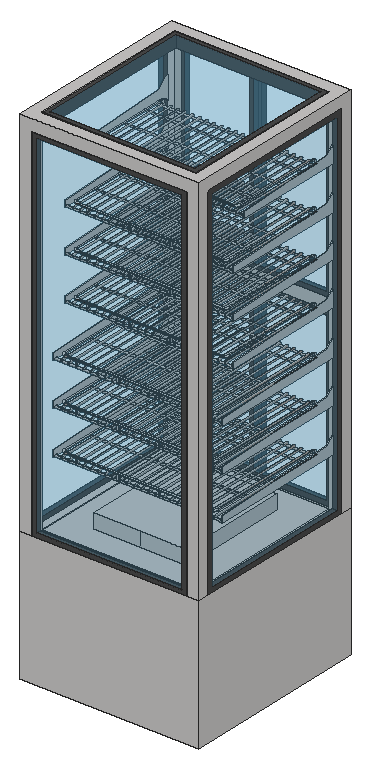
Revit family "QF_FESTIVE_TH6", category Specialty Equipment, Revit 2020
Family settings
  Round Connector Dimension = Use Diameter
  Part Type = Normal
  Work Plane-Based = No
  Always vertical = Yes
  Cut with Voids When Loaded = No
  Shared = No
  Room Calculation Point = No
Parameters (values of type "TH6_220-240/50/1")
  Weight in Kilograms = 155
  Watts = if(Phase = 3, Volts * FL Amps * 1.73, Volts * FL Amps)  # 2046 W
  Volts = 220 V
  URL Cutsheet = ""
  Specification by User = ""
  Specification by Manufacturer = ""
  Shelf Length [instance] = Length - 30 mm  # 570 mm
  Serial Number = ""
  Seismic Rating = ""
  SMACNA No = ""
  Revision Code = ""
  Phase = 1
  Number of Poles = 1
  NAFEM Spec ID Number = ""
  Model = "TH6"
  Min Ckt Ampacity = 0 A
  Max Overcurrent Protection = 0 A
  Masterspec = ""
  Manufacturer = "FESTIVE"
  Length = 600 mm
  Item Number = ""
  Installed By = ""
  Identify Quantity as Lot = yes
  Height = 1730 mm
  HP = ""
  Furnished By = ""
  Foodservice Equipment Identifier = yes
  FL Amps = 9.3 A
  Electrical Remarks = ""
  Electric Connection Type = ""
  Elec Conn RI Height = 0 mm
  Elec Conn Connection Height = 0 mm
  Description = "TOWER: HEATED"
  Depth = 640 mm
  Default Elevation = 0 mm
  Cycle = 50 Hz
  Conn Plug = "10A Plug"
  Conn Conduit = yes
  CSI MasterFormat = ""
  Base Cover 2 [instance] = Length = 1200 mm  # no
  Base Cover 1 [instance] = Length < 901 mm  # yes
  Apparent Power = if(Phase = 3, Volts * FL Amps * 1.73, Volts * FL Amps)  # 2046 VA
Reference planes
  plane 1 "BACK": y = 0
  plane 2: z = 0
  plane 3 "LEFT": x = 0
  plane 4 "RIGHT": x = 600
  plane 5 "FRONT": y = -640
  plane 6 "TOP": z = 1730
  plane 7 "Center Y": x = 300
  plane 8 "Center X": y = -320
  plane 9: z = 470
  plane 10: z = 25.4
  plane 11: x = 40
  plane 12: x = 560
  plane 13: x = 15
  plane 14: x = 585
  plane 15: x = 507.5
  plane 16: x = 92.5
  plane 17: y = 15
Forms (mm)
  Extrusion 1, solid, material "QF_Metal - Stainless - Brushed"
    sketch origin (-6096, 34.743, 25.4) x (0, 1, 0) y (-1, 0, 0)
      loop
        line (-34.743, -6096) -> (-674.743, -6096) -> (-674.743, -6696) -> (-34.743, -6696) -> (-34.743, -6656) -> (-634.743, -6656) -> (-634.743, -6136) -> (-34.743, -6136) -> (-34.743, -6096)
    from 0 to 444.6
  Extrusion 2, solid, material "QF_Plastic - Black - Smooth"
    sketch origin (0, 0, 0) x (0, 1, 0) y (0, 0, 1)
      loop
        line (-40, 1690) -> (-600, 1690) -> (-600, 470) -> (-40, 470) -> (-40, 1690)
      loop
        line (-55, 1675) -> (-585, 1675) -> (-585, 485) -> (-55, 485) -> (-55, 1675)
    from 0 to 15
  Extrusion 3, solid, material "QF_Metal - Stainless - Brushed"
    sketch origin (-6096, 152.961, 470) x (0, 1, 0) y (-1, 0, 0)
      loop
        line (-792.961, -6096) -> (-792.961, -6136) -> (-752.961, -6136) -> (-752.961, -6096) -> (-792.961, -6096)
      loop
        line (-792.961, -6696) -> (-752.961, -6696) -> (-752.961, -6656) -> (-792.961, -6656) -> (-792.961, -6696)
      loop
        line (-152.961, -6696) -> (-152.961, -6656) -> (-192.961, -6656) -> (-192.961, -6696) -> (-152.961, -6696)
      loop
        line (-152.961, -6096) -> (-192.961, -6096) -> (-192.961, -6136) -> (-152.961, -6136) -> (-152.961, -6096)
    from 0 to 1260
  Extrusion 4, solid, material "QF_Metal - Stainless - Brushed"
    sketch origin (-975.299, -4572, 1730) x (-1, 0, 0) y (0, -1, 0)
      loop
        line (-1015.299, -3972) -> (-1535.299, -3972) -> (-1535.299, -4532) -> (-1015.299, -4532) -> (-1015.299, -3972)
      loop
        line (-975.299, -4572) -> (-975.299, -3932) -> (-1575.299, -3932) -> (-1575.299, -4572) -> (-975.299, -4572)
    from 0 to -40
  Extrusion 5, solid, material "Glass"
    sketch origin (0, 0, 0) x (0, 1, 0) y (0, 0, 1)
      loop
        line (-55, 1675) -> (-585, 1675) -> (-585, 485) -> (-55, 485) -> (-55, 1675)
    from 0 to 15
  Extrusion 6, solid, material "QF_Plastic - Black - Smooth"
    sketch origin (600, 0, 0) x (0, -1, 0) y (0, 0, 1)
      loop
        line (40, 1690) -> (40, 470) -> (600, 470) -> (600, 1690) -> (40, 1690)
      loop
        line (55, 1675) -> (55, 485) -> (585, 485) -> (585, 1675) -> (55, 1675)
    from 0 to 15
  Extrusion 7, solid, material "QF_Plastic - Black - Smooth"
    sketch origin (0, -640, 0) x (1, 0, 0) y (0, 0, 1)
      loop
        line (40, 1690) -> (40, 470) -> (560, 470) -> (560, 1690) -> (40, 1690)
      loop
        line (545, 1675) -> (55, 1675) -> (55, 485) -> (545, 485) -> (545, 1675)
    from 0 to -15
  Extrusion 8, solid, material "QF_Plastic - Black - Smooth"
    sketch origin (-975.299, -4572, 1730) x (-1, 0, 0) y (0, -1, 0)
      loop
        line (-1015.299, -4532) -> (-1015.299, -3972) -> (-1535.299, -3972) -> (-1535.299, -4532) -> (-1015.299, -4532)
      loop
        line (-1520.299, -4517) -> (-1030.299, -4517) -> (-1030.299, -3987) -> (-1520.299, -3987) -> (-1520.299, -4517)
    from 0 to -40
  Extrusion 9, solid, material "Glass"
    sketch origin (-975.299, -4572, 1730) x (-1, 0, 0) y (0, -1, 0)
      loop
        line (-1520.299, -4517) -> (-1030.299, -4517) -> (-1030.299, -3987) -> (-1520.299, -3987) -> (-1520.299, -4517)
    from 0 to -40
  Extrusion 10, solid, material "Glass"
    sketch origin (600, 0, 0) x (0, -1, 0) y (0, 0, 1)
      loop
        line (55, 1675) -> (55, 485) -> (585, 485) -> (585, 1675) -> (55, 1675)
    from 0 to 15
  Extrusion 11, solid, material "Glass"
    sketch origin (0, -640, 0) x (1, 0, 0) y (0, 0, 1)
      loop
        line (545, 1675) -> (55, 1675) -> (55, 485) -> (545, 485) -> (545, 1675)
    from 0 to -15
  Extrusion 12, solid, material "QF_Metal - Stainless - Brushed"
    sketch origin (389.467, 0, -196.242) x (1, 0, 0) y (0, 0, -1)
      loop
        line (150.695, -399.744) -> (150.695, -299.744) -> (60.695, -299.744) -> (60.695, -399.744) -> (150.695, -399.744)
    from 0 to 15
  Extrusion 13, solid, material "QF_Metal - Stainless - Brushed"
    sketch origin (0, 0, 0) x (1, 0, 0) y (0, 0, 1)
      loop
        line (560, 376.925) -> (40, 376.925) -> (40, 70.07) -> (145, 70.07) -> (145, 31.8) -> (455, 31.8) -> (455, 69.875) -> (560, 69.875) -> (560, 376.925)
    from 0 to 600
  Extrusion 14, solid
    sketch origin (0, 0, 0) x (-1, 0, 0) y (0, 0, 1)
      loop
        circle (-445, 36.8) r 5
    from 0 to 3.2
  Extrusion 15, solid, material "QF_Metal - Stainless - Brushed"
    sketch origin (560, 0, 25.4) x (1, 0, 0) y (0, 0, -1)
      loop
        line (0, -351.525) -> (-520, -351.525) -> (-520, -444.6) -> (0, -444.6) -> (0, -351.525)
      loop
        line (0, 0) -> (-520, 0) -> (-520, -6.4) -> (0, -6.4) -> (0, 0)
    from 0 to -3.2
  Extrusion 16, solid, material "QF_Plastic - Red - Smooth"
    sketch origin (389.467, 15, -196.242) x (1, 0, 0) y (0, 0, -1)
      loop
        line (132.495, -336.936) -> (132.495, -311.419) -> (123.895, -311.419) -> (123.895, -336.936) -> (132.495, -336.936)
      loop
        line (87.495, -336.936) -> (87.495, -311.419) -> (78.895, -311.419) -> (78.895, -336.936) -> (87.495, -336.936)
    from 0 to 3.2
  Extrusion 17, solid, material "QF_Metal - Stainless - Brushed", visible <- "Base Cover 1"
    sketch origin (-6096, 34.743, 470) x (0, 1, 0) y (-1, 0, 0)
      loop
        line (-165.755, -6396) -> (-165.755, -6238.5) -> (-544.743, -6238.5) -> (-544.743, -6396) -> (-544.743, -6553.5) -> (-165.755, -6553.5) -> (-165.755, -6396)
    from 0 to 48.344
  Extrusion 18, solid, material "QF_Metal - Stainless - Brushed"
    sketch origin (600, 0, 1730) x (-1, 0, 0) y (0, 0, 1)
      loop
        line (40, -670) -> (560, -670) -> (560, -630) -> (40, -630) -> (40, -670)
    from 0 to -30
  Extrusion 19, solid, material "QF_Metal - Stainless - Brushed", visible <- "Base Cover 2"
    sketch origin (-6096, 34.743, 470) x (0, 1, 0) y (-1, 0, 0)
      loop
        line (-544.743, -6238.5) -> (-544.743, -6376) -> (-165.755, -6376) -> (-165.755, -6238.5) -> (-544.743, -6238.5)
      loop
        line (-165.755, -6416) -> (-544.743, -6416) -> (-544.743, -6553.5) -> (-165.755, -6553.5) -> (-165.755, -6416)
    from 0 to 48.344
Cuts and joins
  joined: Extrusion 3, Extrusion 4
Lines and regions (mm)
  Split face 1
    outline origin (410.303, 15, -237.471) x (1, 0, 0) y (0, 0, -1)
      loop
        line (114.859, -381.365) -> (114.859, -349.447) -> (99.859, -349.447) -> (99.859, -381.365) -> (114.859, -381.365)
  Split face 2
    outline origin (580.021, 15, -155.014) x (-1, 0, 0) y (0, 0, 1)
      loop
        line (114.859, 298.908) -> (99.859, 298.908) -> (99.859, 266.99) -> (114.859, 266.99) -> (114.859, 298.908)
  Split face 3
    outline origin (389.467, 15, -196.242) x (1, 0, 0) y (0, 0, -1)
      loop
        arc (139.445, -393.619) -> (143.667, -377.428) -> (139.445, -361.238) r 33.153
        line (139.445, -361.238) -> (71.945, -361.238)
        arc (71.945, -361.238) -> (67.723, -377.428) -> (71.945, -393.619) r 33.153
        line (71.945, -393.619) -> (139.445, -393.619)
  Split face 4
    outline origin (389.467, 15, -196.242) x (1, 0, 0) y (0, 0, -1)
      loop
        arc (135.695, -388.563) -> (137.031, -377.507) -> (135.695, -366.451) r 46.41
        line (135.695, -366.451) -> (95.695, -366.451) -> (95.695, -388.563) -> (135.695, -388.563)
  symbolic lines
    curve 1: line (0, 0, 1730) -> (600, 0, 1730)
    curve 2: line (0, -640, 1730) -> (0, 0, 1730)
    curve 3: line (600, -640, 1730) -> (0, -640, 1730)
    curve 4: line (600, 0, 1730) -> (600, -640, 1730)
    curve 5: line (40, -40, 1730) -> (560, -40, 1730)
    curve 6: line (40, -600, 1730) -> (40, -40, 1730)
    curve 7: line (560, -600, 1730) -> (40, -600, 1730)
    curve 8: line (560, -40, 1730) -> (560, -600, 1730)
    curve 9: line (55, -55, 1730) -> (545, -55, 1730)
    curve 10: line (55, -585, 1730) -> (55, -55, 1730)
    curve 11: line (545, -585, 1730) -> (55, -585, 1730)
    curve 12: line (545, -55, 1730) -> (545, -585, 1730)
    curve 13: line (450.162, 15, 1240) -> (450.162, 0, 1240)
    curve 14: line (540.162, 15, 1240) -> (450.162, 15, 1240)
    curve 15: line (540.162, 0, 1240) -> (540.162, 15, 1240)
Dimensions and locks
  equal spacing: plane 3 "LEFT", plane 7 "Center Y", plane 4 "RIGHT"
  "Length": plane 3 "LEFT" to plane 4 "RIGHT"
  equal spacing: plane 5 "FRONT", plane 8 "Center X", plane 1 "BACK"
  "Depth": plane 5 "FRONT" to plane 1 "BACK"
  "Height": plane 6 "TOP" to level
  plane 6 "TOP" to plane 9 to level = 1260 mm, 470 mm
  plane 1 "BACK" to plane 5 "FRONT" = 640 mm
  locked: plane 11 to plane 3 "LEFT" at 40
  locked: plane 12 to plane 4 "RIGHT" at 40
  locked: plane 3 "LEFT" to plane 13 at 15
  locked: plane 4 "RIGHT" to plane 14 at 15
  locked: plane 5 "FRONT" to nested 7 at 45
  locked: plane 5 "FRONT" to nested 6 at 45
  locked: plane 15 to plane 4 "RIGHT" at 92.5
  locked: plane 16 to plane 3 "LEFT" at 92.5
  plane 1 "BACK" to plane 17 = 15 mm
  locked: plane 7 "Center Y" to nested 13 at 15
  locked: plane 7 "Center Y" to nested 14 at 15
  Extrusion 19 sketch curve to plane 7 "Center Y" to Extrusion 19 sketch curve = 20 mm locked, 20 mm locked
  aligned and locked: level to plane 2
  aligned and locked: plane 9 to Extrusion 1
  aligned and locked: plane 6 "TOP" to Extrusion 3
  aligned and locked: nested 1 to plane 13
  aligned and locked: plane 16 to nested 5
  aligned and locked: plane 16 to nested 6
  aligned and locked: nested 8 to plane 15
  aligned and locked: nested 7 to plane 15
  aligned and locked: Extrusion 1 to Extrusion 15 sketch curve  (x2)
  aligned and locked: Extrusion 15 sketch curve to Extrusion 1  (x2)
  aligned and locked: nested 13 to plane 11
  aligned and locked: plane 12 to nested 14
Automatic sketch dimensions
  Extrusion 1 sketch curve to plane 3 "LEFT" = 0 mm
  plane 5 "FRONT" to Extrusion 1 sketch curve = 0 mm
  Extrusion 1 sketch curve to plane 12 = 0 mm
  Extrusion 1 sketch curve to plane 11 = 0 mm
  plane 1 "BACK" to Extrusion 1 sketch curve = 0 mm  (x2)
  Extrusion 1 sketch curve to plane 4 "RIGHT" = 0 mm
  Extrusion 1 sketch curve to plane 5 "FRONT" = 40 mm
  Extrusion 2 sketch curve to plane 9 = 0 mm
  Extrusion 2 sketch curve to plane 5 "FRONT" = 40 mm
  Extrusion 2 sketch curve to Extrusion 2 sketch curve = 15 mm  (x3)
  plane 9 to Extrusion 2 sketch curve = 15 mm
  plane 1 "BACK" to Extrusion 2 sketch curve = 55 mm
  Extrusion 2 sketch curve to plane 6 "TOP" = 55 mm
  Extrusion 3 sketch curve to plane 3 "LEFT" = 0 mm  (x2)
  plane 5 "FRONT" to Extrusion 3 sketch curve = 0 mm  (x2)
  Extrusion 3 sketch curve to plane 4 "RIGHT" = 0 mm  (x2)
  Extrusion 3 sketch curve to plane 11 = 0 mm  (x2)
  Extrusion 3 sketch curve to plane 12 = 0 mm  (x2)
  plane 1 "BACK" to Extrusion 3 sketch curve = 0 mm  (x2)
  Extrusion 3 sketch curve to plane 5 "FRONT" = 40 mm  (x2)
  Extrusion 3 sketch curve to Extrusion 3 sketch curve = 40 mm  (x2)
  plane 1 "BACK" to Extrusion 4 sketch curve = 0 mm
  Extrusion 4 sketch curve to plane 4 "RIGHT" = 0 mm
  Extrusion 4 sketch curve to plane 12 = 0 mm
  Extrusion 4 sketch curve to plane 11 = 0 mm
  Extrusion 4 sketch curve to plane 3 "LEFT" = 0 mm
  plane 5 "FRONT" to Extrusion 4 sketch curve = 0 mm
  plane 1 "BACK" to Extrusion 4 sketch curve = 40 mm
  Extrusion 4 sketch curve to plane 5 "FRONT" = 40 mm
  Extrusion 5 sketch curve to plane 5 "FRONT" = 55 mm
  plane 9 to Extrusion 5 sketch curve = 15 mm
  plane 1 "BACK" to Extrusion 5 sketch curve = 55 mm
  Extrusion 5 sketch curve to plane 6 "TOP" = 55 mm
  Extrusion 6 sketch curve to plane 9 = 0 mm
  plane 1 "BACK" to Extrusion 6 sketch curve = 40 mm
  Extrusion 6 sketch curve to Extrusion 6 sketch curve = 15 mm  (x3)
  plane 9 to Extrusion 6 sketch curve = 15 mm
  Extrusion 6 sketch curve to plane 5 "FRONT" = 55 mm
  Extrusion 6 sketch curve to plane 6 "TOP" = 55 mm
  Extrusion 7 sketch curve to plane 9 = 0 mm
  Extrusion 7 sketch curve to plane 11 = 0 mm
  plane 12 to Extrusion 7 sketch curve = 0 mm
  plane 11 to Extrusion 7 sketch curve = 15 mm
  plane 12 to Extrusion 7 sketch curve = 15 mm
  plane 9 to Extrusion 7 sketch curve = 15 mm
  Extrusion 7 sketch curve to plane 6 "TOP" = 55 mm
  Extrusion 7 sketch curve to Extrusion 7 sketch curve = 15 mm
  Extrusion 8 sketch curve to plane 12 = 0 mm
  Extrusion 8 sketch curve to plane 11 = 0 mm
  plane 12 to Extrusion 8 sketch curve = 15 mm
  plane 11 to Extrusion 8 sketch curve = 15 mm
  plane 1 "BACK" to Extrusion 8 sketch curve = 40 mm
  Extrusion 8 sketch curve to Extrusion 8 sketch curve = 15 mm  (x2)
  Extrusion 8 sketch curve to plane 5 "FRONT" = 55 mm
  plane 12 to Extrusion 9 sketch curve = 15 mm
  plane 11 to Extrusion 9 sketch curve = 15 mm
  plane 1 "BACK" to Extrusion 9 sketch curve = 55 mm
  Extrusion 9 sketch curve to plane 5 "FRONT" = 55 mm
  plane 1 "BACK" to Extrusion 10 sketch curve = 55 mm
  plane 9 to Extrusion 10 sketch curve = 15 mm
  Extrusion 10 sketch curve to plane 5 "FRONT" = 55 mm
  Extrusion 10 sketch curve to plane 6 "TOP" = 55 mm
  plane 1 "BACK" to curve 1 = 0 mm
  curve 1 to plane 4 "RIGHT" = 0 mm
  curve 8 to plane 12 = 0 mm
  curve 5 to plane 11 = 0 mm
  curve 3 to plane 3 "LEFT" = 0 mm
  plane 5 "FRONT" to curve 3 = 0 mm
  plane 12 to curve 12 = 15 mm
  plane 11 to curve 10 = 15 mm
  plane 1 "BACK" to curve 5 = 40 mm
  curve 5 to curve 9 = 15 mm
  curve 12 to plane 5 "FRONT" = 55 mm
  curve 10 to curve 7 = 15 mm
  plane 11 to Extrusion 11 sketch curve = 15 mm
  plane 12 to Extrusion 11 sketch curve = 15 mm
  plane 9 to Extrusion 11 sketch curve = 15 mm
  Extrusion 11 sketch curve to plane 6 "TOP" = 55 mm
  plane 15 to Extrusion 12 sketch curve = 57.338 mm
  plane 12 to Extrusion 12 sketch curve = 19.838 mm
  plane 10 to Extrusion 12 sketch curve = 178.101 mm
  plane 10 to Extrusion 12 sketch curve = 78.101 mm
  Split face 1 sketch curve to Extrusion 12 = 30 mm
  Split face 1 sketch curve to Extrusion 12 = 15 mm
  Split face 1 sketch curve to Extrusion 12 = 40.393 mm
  Split face 1 sketch curve to Extrusion 12 = 8.475 mm
  Extrusion 13 sketch curve to plane 11 = 0 mm
  plane 12 to Extrusion 13 sketch curve = 0 mm
  plane 10 to Extrusion 13 sketch curve = 6.4 mm
  plane 16 to Extrusion 13 sketch curve = 52.5 mm
  plane 15 to Extrusion 13 sketch curve = 52.5 mm
  plane 10 to Extrusion 13 sketch curve = 44.475 mm
  Extrusion 13 sketch curve to Extrusion 13 sketch curve = 38.27 mm
  Extrusion 13 sketch curve to plane 9 = 93.075 mm
  Extrusion 14 sketch curve to Extrusion 13 = 10 mm
  Extrusion 14 sketch curve to Extrusion 13 = 5 mm
  Extrusion 15 sketch curve to Extrusion 1 = 0 mm  (x2)
  Extrusion 1 to Extrusion 15 sketch curve = 93.075 mm
  Extrusion 15 sketch curve to Extrusion 15 sketch curve = 6.4 mm
  Split face 2 sketch curve to Extrusion 12 = 30 mm
  Split face 2 sketch curve to Extrusion 12 = 15 mm
  Split face 2 sketch curve to Extrusion 12 = 8.475 mm
  Split face 2 sketch curve to Split face 2 sketch curve = 31.918 mm
  Split face 3 sketch curve to Extrusion 12 = 11.25 mm  (x4)
  Split face 3 sketch curve to Split face 3 sketch curve = 28.931 mm
  Split face 3 sketch curve to Split face 3 sketch curve = 9.638 mm
  Split face 3 sketch curve to Extrusion 12 = 6.125 mm
  Split face 3 sketch curve to Extrusion 12 = 22.316 mm
  Extrusion 16 sketch curve to Extrusion 12 = 18.2 mm
  Extrusion 16 sketch curve to Extrusion 16 sketch curve = 8.6 mm  (x2)
  Extrusion 16 sketch curve to Extrusion 12 = 26.8 mm
  Extrusion 16 sketch curve to Extrusion 12 = 37.193 mm  (x2)
  Extrusion 16 sketch curve to Extrusion 12 = 11.675 mm  (x2)
  Split face 4 sketch curve to Extrusion 12 = 29.926 mm
  Split face 4 sketch curve to Split face 4 sketch curve = 5.074 mm
  Split face 4 sketch curve to Extrusion 12 = 15 mm  (x2)
  Split face 4 sketch curve to Extrusion 12 = 11.181 mm
  Split face 4 sketch curve to Split face 4 sketch curve = 11.056 mm
  Extrusion 1 to Extrusion 17 sketch curve = 90 mm
  Extrusion 17 sketch curve to Extrusion 1 = 131.012 mm
  Extrusion 1 to Extrusion 17 sketch curve = 102.5 mm  (x2)
  Extrusion 17 sketch curve to Extrusion 17 sketch curve = 157.5 mm  (x2)
  plane 1 "BACK" to curve 15 = 0 mm
  curve 14 to plane 17 = 0 mm
  plane 1 "BACK" to curve 13 = 0 mm
  plane 12 to curve 14 = 19.838 mm
  plane 15 to curve 14 = 57.338 mm
  Extrusion 4 to Extrusion 18 sketch curve = 40 mm
  Extrusion 18 sketch curve to Extrusion 4 = 40 mm
  Extrusion 18 sketch curve to Extrusion 4 = 630 mm
  Extrusion 18 sketch curve to Extrusion 18 sketch curve = 40 mm
  Extrusion 1 to Extrusion 19 sketch curve = 90 mm
  Extrusion 1 to Extrusion 19 sketch curve = 102.5 mm  (x2)
  Extrusion 19 sketch curve to Extrusion 19 sketch curve = 0 mm  (x2)
  Extrusion 19 sketch curve to Extrusion 1 = 131.012 mm
  radius of Extrusion 14 sketch curve = 5 mm
Nested families
  nested 1: "PARAMETRIC SHELF" at (15, -40, 1380), Length <- "Shelf Length", type "PARAMETRIC SHELF"
    with Rail Depth 382 mm, Rail 2 4, No. of Rail 22, Length 570 mm, Depth 432 mm
  nested 2: "PARAMETRIC SHELF" at (15, -40, 1235.776), Length <- "Shelf Length", type "PARAMETRIC SHELF"
    with Rail Depth 382 mm, Rail 2 4, No. of Rail 22, Length 570 mm, Depth 432 mm
  nested 3: "PARAMETRIC SHELF" at (15, -40, 795.822), Length <- "Shelf Length", type "PARAMETRIC SHELF"
    with Rail Depth 430 mm, Rail 2 4, No. of Rail 22, Length 570 mm, Depth 480 mm
  nested 4: "PARAMETRIC SHELF" at (15, -40, 940.822), Length <- "Shelf Length", type "PARAMETRIC SHELF"
    with Rail Depth 430 mm, Rail 2 4, No. of Rail 22, Length 570 mm, Depth 480 mm
  nested 5: "3 INCHES 01_CASTER" at (92.5, -65, 0), type "3 INCHES 01_CASTER"
    with Type Mark "", Specification by User "", Revision Code "", Item Number "", Installed By "", Identify Quantity as Lot yes, Furnished By "", Foodservice Equipment Identifier yes, 3 Inches Caster yes
  nested 6: "3 INCHES 01_CASTER" at (92.5, -595, 0), type "3 INCHES 01_CASTER"
    with Type Mark "", Specification by User "", Revision Code "", Item Number "", Installed By "", Identify Quantity as Lot yes, Furnished By "", Foodservice Equipment Identifier yes, 3 Inches Caster yes
  nested 7: "3 INCHES 01_CASTER" at (507.5, -595, 0), type "3 INCHES 01_CASTER"
    with Type Mark "", Specification by User "", Revision Code "", Item Number "", Installed By "", Identify Quantity as Lot yes, Furnished By "", Foodservice Equipment Identifier yes, 3 Inches Caster yes
  nested 8: "3 INCHES 01_CASTER" at (507.5, -65, 0), type "3 INCHES 01_CASTER"
    with Type Mark "", Specification by User "", Revision Code "", Item Number "", Installed By "", Identify Quantity as Lot yes, Furnished By "", Foodservice Equipment Identifier yes, 3 Inches Caster yes
  nested 9: "PARAMETRIC PAN" at (15, -40, 466.8), Length <- "Shelf Length", type "PARAMETRIC PAN"
    with Rail Depth 510 mm, Rail 2 4, No. of Rail 22, Length 570 mm, Depth 560 mm
  nested 10: "PARAMETRIC SHELF" at (15, -40, 1090.822), Length <- "Shelf Length", type "PARAMETRIC SHELF"
    with Rail Depth 382 mm, Rail 2 4, No. of Rail 22, Length 570 mm, Depth 432 mm
  nested 11: "PARAMETRIC SHELF" at (15, -40, 647.883), Length <- "Shelf Length", type "PARAMETRIC SHELF"
    with Rail Depth 430 mm, Rail 2 4, No. of Rail 22, Length 570 mm, Depth 480 mm
  nested 12: "PARAMETRIC SHELF" at (15, -40, 1525.095), Length <- "Shelf Length", type "PARAMETRIC SHELF"
    with Rail Depth 335 mm, Rail 2 4, No. of Rail 22, Length 570 mm, Depth 385 mm
  nested 13: "PARAMETRIC WINDOW" at (40, 0, 15), type "PARAMETRIC WINDOW"
    with Window Assembly yes, Length 275 mm
  nested 14: "PARAMETRIC WINDOW" at (285, -15, 15), type "PARAMETRIC WINDOW"
    with Window Assembly yes, Length 275 mm
Connectors
  electrical at (445, 3.2, 36.8), driven by "Volts", driven by "Watts"
    settings: on Extrusion 14, index 2, voltage 220 V, apparent load 2046 VA, apparent load phase1 0 VA, apparent load phase2 0 VA, apparent load phase3 0 VA, power factor 1, load classification "Other", number of poles 1, system type 30, power factor state 1, is connector primary yes, connector utility no, sub classification motor no, connector description "ELECTRICAL CONNECTION"
Definition of nested family "PARAMETRIC SHELF"
  Parameters (values of type "PARAMETRIC SHELF")
    Weight in Pounds = 0
    URL Cutsheet = ""
    Specification by User = ""
    Specification by Manufacturer = ""
    Serial Number = ""
    Seismic Rating = ""
    SMACNA No = ""
    Revision Code = ""
    Rail Depth [instance] = Depth - 50 mm  # 367 mm
    Rail 2 [instance] = Length / 150 mm  # 4
    No. of Rail [instance] = Length / 25.4 mm  # 24
    NAFEM Spec ID Number = ""
    Masterspec = ""
    Length [instance] = 600 mm
    Item Number = ""
    Installed By = ""
    Identify Quantity as Lot = yes
    Height = 220 mm
    Furnished By = ""
    Foodservice Equipment Identifier = yes
    Depth [instance] = 417 mm
    Default Elevation = 0 mm
    CSI MasterFormat = ""
  Reference planes
    plane 1 "BACK": y = 0
    plane 2: z = 0
    plane 3 "LEFT": x = 0
    plane 4 "RIGHT": x = 600
    plane 5 "FRONT": y = -417
    plane 6 "TOP": z = 220
    plane 7 "Center Y": x = 300
    plane 8 "Center X": y = -208.5
    plane 9: x = 28.6
    plane 10: x = 571.4
    plane 11: x = 3.2
    plane 12: x = 596.8
  Forms (mm)
    Extrusion 1, solid
      sketch origin (0, -4517, 280.761) x (0, 0, 1) y (0, -1, 0)
        loop
          line (-244.023, -4477) -> (-261.193, -4100) -> (-280.761, -4100) -> (-280.761, -4502.438) -> (-295.323, -4517) -> (-217.773, -4517) -> (-217.773, -4508.448) -> (-244.023, -4477)
      from 0 to 3.2
    Extrusion 2, solid
      sketch origin (600, 0, 0) x (0, -1, 0) y (0, 0, 1)
        loop
          line (40, 36.738) -> (8.552, 62.988) -> (0, 62.988) -> (0, -14.562) -> (14.562, 0) -> (417, 0) -> (417, 19.568) -> (40, 36.738)
      from 0 to 3.2
    Extrusion 3, solid
      sketch origin (3.2, -4572, 62.788) x (0, 0, 1) y (0, -1, 0)
        loop
          circle (-59.788, -4158) r 3
        loop
          circle (-59.788, -4268) r 3
        loop
          circle (-59.788, -4368) r 3
        loop
          circle (-59.788, -4471.515) r 3
        loop
          circle (-59.788, -4519.015) r 3
      from 0 to 593.6
    Extrusion 4, solid
      sketch origin (20.4, -417, 21.873) x (0, 0, 1) y (1, 0, 0)
        loop
          circle (-13.368, 8.2) r 2.5
      from 0 to 367 <- "Rail Depth"
    Extrusion 5, solid
      sketch origin (563.2, -417, 21.873) x (0, 0, 1) y (1, 0, 0)
        loop
          circle (-13.368, 8.2) r 2.5
      from 0 to 367 <- "Rail Depth"
    Extrusion 6, solid
      sketch origin (44, -417, 21.873) x (0, 0, 1) y (1, 0, 0)
        loop
          circle (-13.368, 8.2) r 2.5
      from 0 to 367 <- "Rail Depth"
    Extrusion 7, solid
      sketch origin (67.6, -417, 21.873) x (0, 0, 1) y (1, 0, 0)
        loop
          circle (-13.368, 8.2) r 2.5
      from 0 to 367 <- "Rail Depth"
    Extrusion 8, solid
      sketch origin (91.2, -417, 21.873) x (0, 0, 1) y (1, 0, 0)
        loop
          circle (-13.368, 8.2) r 2.5
      from 0 to 367 <- "Rail Depth"
    Extrusion 9, solid
      sketch origin (114.8, -417, 21.873) x (0, 0, 1) y (1, 0, 0)
        loop
          circle (-13.368, 8.2) r 2.5
      from 0 to 367 <- "Rail Depth"
    Extrusion 10, solid
      sketch origin (138.4, -417, 21.873) x (0, 0, 1) y (1, 0, 0)
        loop
          circle (-13.368, 8.2) r 2.5
      from 0 to 367 <- "Rail Depth"
    Extrusion 11, solid
      sketch origin (162, -417, 21.873) x (0, 0, 1) y (1, 0, 0)
        loop
          circle (-13.368, 8.2) r 2.5
      from 0 to 367 <- "Rail Depth"
    Extrusion 12, solid
      sketch origin (185.6, -417, 21.873) x (0, 0, 1) y (1, 0, 0)
        loop
          circle (-13.368, 8.2) r 2.5
      from 0 to 367 <- "Rail Depth"
    Extrusion 13, solid
      sketch origin (209.2, -417, 21.873) x (0, 0, 1) y (1, 0, 0)
        loop
          circle (-13.368, 8.2) r 2.5
      from 0 to 367 <- "Rail Depth"
    Extrusion 14, solid
      sketch origin (232.8, -417, 21.873) x (0, 0, 1) y (1, 0, 0)
        loop
          circle (-13.368, 8.2) r 2.5
      from 0 to 367 <- "Rail Depth"
    Extrusion 15, solid
      sketch origin (256.4, -417, 21.873) x (0, 0, 1) y (1, 0, 0)
        loop
          circle (-13.368, 8.2) r 2.5
      from 0 to 367 <- "Rail Depth"
    Extrusion 16, solid
      sketch origin (280, -417, 21.873) x (0, 0, 1) y (1, 0, 0)
        loop
          circle (-13.368, 8.2) r 2.5
      from 0 to 367 <- "Rail Depth"
    Extrusion 17, solid
      sketch origin (303.6, -417, 21.873) x (0, 0, 1) y (1, 0, 0)
        loop
          circle (-13.368, 8.2) r 2.5
      from 0 to 367 <- "Rail Depth"
    Extrusion 18, solid
      sketch origin (327.2, -417, 21.873) x (0, 0, 1) y (1, 0, 0)
        loop
          circle (-13.368, 8.2) r 2.5
      from 0 to 367 <- "Rail Depth"
    Extrusion 19, solid
      sketch origin (350.8, -417, 21.873) x (0, 0, 1) y (1, 0, 0)
        loop
          circle (-13.368, 8.2) r 2.5
      from 0 to 367 <- "Rail Depth"
    Extrusion 20, solid
      sketch origin (374.4, -417, 21.873) x (0, 0, 1) y (1, 0, 0)
        loop
          circle (-13.368, 8.2) r 2.5
      from 0 to 367 <- "Rail Depth"
    Extrusion 21, solid
      sketch origin (398, -417, 21.873) x (0, 0, 1) y (1, 0, 0)
        loop
          circle (-13.368, 8.2) r 2.5
      from 0 to 367 <- "Rail Depth"
    Extrusion 22, solid
      sketch origin (421.6, -417, 21.873) x (0, 0, 1) y (1, 0, 0)
        loop
          circle (-13.368, 8.2) r 2.5
      from 0 to 367 <- "Rail Depth"
    Extrusion 23, solid
      sketch origin (445.2, -417, 21.873) x (0, 0, 1) y (1, 0, 0)
        loop
          circle (-13.368, 8.2) r 2.5
      from 0 to 367 <- "Rail Depth"
    Extrusion 24, solid
      sketch origin (468.8, -417, 21.873) x (0, 0, 1) y (1, 0, 0)
        loop
          circle (-13.368, 8.2) r 2.5
      from 0 to 367 <- "Rail Depth"
    Extrusion 25, solid
      sketch origin (492.4, -417, 21.873) x (0, 0, 1) y (1, 0, 0)
        loop
          circle (-13.368, 8.2) r 2.5
      from 0 to 367 <- "Rail Depth"
    Extrusion 26, solid
      sketch origin (516, -417, 21.873) x (0, 0, 1) y (1, 0, 0)
        loop
          circle (-13.368, 8.2) r 2.5
      from 0 to 367 <- "Rail Depth"
    Extrusion 27, solid
      sketch origin (539.6, -417, 21.873) x (0, 0, 1) y (1, 0, 0)
        loop
          circle (-13.368, 8.2) r 2.5
      from 0 to 367 <- "Rail Depth"
    Sweep 28, solid
      path origin (0, 0, 0) x (1, 0, 0) y (0, 1, 0)
        loop
          line (571.4, -70) -> (571.4, -404)
          arc (571.4, -404) -> (568.471, -411.071) -> (561.4, -414) r 10
          line (561.4, -414) -> (38.6, -414)
          arc (38.6, -414) -> (31.529, -411.071) -> (28.6, -404) r 10
          line (28.6, -404) -> (28.6, -70)
      profile origin (571.4, -237, 0) x (1, 0, 0) y (0, 0, 1)
        loop
          circle (0, 23.505) r 2.5
    Sweep 29, solid
      path origin (28.6, -4572, 11.2) x (0, 0, 1) y (0, -1, 0)
        loop
          line (12.305, -4502) -> (12.305, -4509.015)
          arc (12.305, -4509.015) -> (9.376, -4516.086) -> (2.305, -4519.015) r 10
          line (2.305, -4519.015) -> (-0.376, -4519.015)
      profile origin (28.6, -66.493, 23.505) x (0, 0, 1) y (1, 0, 0)
        loop
          circle (0, 0) r 2.5
    Sweep 30, solid
      path origin (571.4, -4572, 11.2) x (0, 0, 1) y (0, -1, 0)
        loop
          line (12.305, -4502) -> (12.305, -4509.015)
          arc (12.305, -4509.015) -> (9.376, -4516.086) -> (2.305, -4519.015) r 10
          line (2.305, -4519.015) -> (-0.376, -4519.015)
      profile origin (571.4, -66.493, 23.505) x (0, 0, -1) y (-1, 0, 0)
        loop
          circle (0, 0) r 2.5
    Extrusion 31, solid
      sketch origin (0, 0, 0) x (1, 0, 0) y (0, 1, 0)
        loop
          circle (75.8, -414.118) r 2
      from 5.989 to 23.272
    Extrusion 32, solid
      sketch origin (448.4, 0, 0) x (1, 0, 0) y (0, 1, 0)
        loop
          circle (75.8, -414.118) r 2
      from 5.989 to 23.272
    Extrusion 33, solid
      sketch origin (149.467, 0, 0) x (1, 0, 0) y (0, 1, 0)
        loop
          circle (75.8, -414.118) r 2
      from 5.989 to 23.272
    Extrusion 34, solid
      sketch origin (298.933, 0, 0) x (1, 0, 0) y (0, 1, 0)
        loop
          circle (75.8, -414.118) r 2
      from 5.989 to 23.272
  Cuts and joins
    joined: Sweep 28, Sweep 29, Sweep 30
  Lines and regions (mm)
    symbolic lines
      curve 1: line (0, 0, 0) -> (600, 0, 0)
      curve 2: line (0, -417, 0) -> (0, 0, 0)
      curve 3: line (600, -417, 0) -> (0, -417, 0)
      curve 4: line (600, 0, 0) -> (600, -417, 0)
  Dimensions and locks
    equal spacing: plane 3 "LEFT", plane 7 "Center Y", plane 4 "RIGHT"
    "Length": plane 3 "LEFT" to plane 4 "RIGHT"
    equal spacing: plane 5 "FRONT", plane 8 "Center X", plane 1 "BACK"
    "Depth": plane 5 "FRONT" to plane 1 "BACK"
    "Height": plane 6 "TOP" to level
    locked: plane 9 to plane 3 "LEFT" at 28.6
    locked: plane 10 to plane 4 "RIGHT" at 28.6
    locked: plane 12 to plane 4 "RIGHT" at 3.2
    locked: plane 11 to plane 3 "LEFT" at 3.2
    equal spacing: group 1, group 3, group 4, group 5, group 6, group 7, group 8, group 9, group 10, group 11, group 12, group 13, group 14, group 15, group 16, group 17, group 18, group 19, group 20, group 21, group 22, group 23, group 24, group 2  (x3)
    plane 1 "BACK" to Extrusion 3 sketch curve to Extrusion 3 sketch curve = 52.985 mm locked, 47.5 mm locked
    locked: Sweep 28 sketch curve to plane 1 "BACK" at 70  (x2)
    equal spacing: group 25, group 27, group 28, group 26  (x3)
    locked: Extrusion 31 to plane 3 "LEFT" at 73.8
    locked: Extrusion 32 to plane 4 "RIGHT" at 73.8
    locked: Extrusion 31 to plane 5 "FRONT" at 2.882
    locked: Extrusion 32 to plane 5 "FRONT" at 2.882
    aligned and locked: level to plane 2
    aligned and locked: Extrusion 3 to plane 12
    aligned and locked: plane 5 "FRONT" to Extrusion 4
    aligned and locked: plane 5 "FRONT" to Extrusion 5
    aligned and locked: plane 10 to Extrusion 5
  Automatic sketch dimensions
    Extrusion 1 sketch curve to plane 1 "BACK" = 0 mm
    Extrusion 1 sketch curve to level = 0 mm
    Extrusion 1 sketch curve to plane 5 "FRONT" = 0 mm
    Extrusion 1 sketch curve to level = 14.562 mm
    level to Extrusion 1 sketch curve = 19.568 mm
    level to Extrusion 1 sketch curve = 36.738 mm
    plane 1 "BACK" to Extrusion 1 sketch curve = 8.552 mm
    Extrusion 1 sketch curve to Extrusion 1 sketch curve = 26.25 mm
    plane 1 "BACK" to Extrusion 1 sketch curve = 14.562 mm
    plane 1 "BACK" to Extrusion 1 sketch curve = 40 mm
    Extrusion 2 sketch curve to plane 1 "BACK" = 0 mm
    Extrusion 2 sketch curve to level = 0 mm
    Extrusion 2 sketch curve to plane 5 "FRONT" = 0 mm
    plane 1 "BACK" to Extrusion 2 sketch curve = 8.552 mm
    plane 1 "BACK" to Extrusion 2 sketch curve = 14.562 mm
    plane 1 "BACK" to Extrusion 2 sketch curve = 40 mm
    Extrusion 2 sketch curve to level = 14.562 mm
    level to Extrusion 2 sketch curve = 19.568 mm
    level to Extrusion 2 sketch curve = 36.738 mm
    Extrusion 2 sketch curve to Extrusion 2 sketch curve = 26.25 mm
    level to Extrusion 3 sketch curve = 3 mm  (x5)
    plane 8 "Center X" to Extrusion 3 sketch curve = 4.5 mm
    Extrusion 3 sketch curve to plane 8 "Center X" = 95.5 mm
    Extrusion 3 sketch curve to plane 5 "FRONT" = 3 mm
    Sweep 28 sketch curve to plane 9 = 0 mm
    Sweep 28 sketch curve to plane 10 = 0 mm
    Sweep 28 sketch curve to plane 5 "FRONT" = 3 mm
    plane 9 to Sweep 28 sketch curve = 10 mm
    Sweep 28 sketch curve to Sweep 28 sketch curve = 10 mm
    profile plane to Sweep 28 sketch curve = 0 mm
    level to Sweep 28 sketch curve = 23.505 mm
    level to Sweep 29 sketch curve = 13.505 mm
    Sweep 29 sketch curve to Sweep 29 sketch curve = 10 mm
    plane 1 "BACK" to Sweep 29 sketch curve = 52.985 mm
    Sweep 29 sketch curve to Sweep 29 sketch curve = 2.68 mm
    Sweep 29 sketch curve to Sweep 29 sketch curve = 7.015 mm
    Sweep 29 sketch curve to plane 9 = 0 mm
    Sweep 29 sketch curve to profile plane = 0 mm
    Sweep 30 sketch curve to profile plane = 0 mm
    profile plane to Sweep 30 sketch curve = 0 mm
    Sweep 30 sketch curve to level = 13.505 mm
    Sweep 30 sketch curve to Sweep 30 sketch curve = 10 mm
    Sweep 30 sketch curve to plane 1 "BACK" = 52.985 mm
    Sweep 30 sketch curve to Sweep 30 sketch curve = 2.68 mm
    Sweep 30 sketch curve to Sweep 30 sketch curve = 7.015 mm
    curve 3 to plane 3 "LEFT" = 0 mm
    curve 3 to plane 4 "RIGHT" = 0 mm
    plane 5 "FRONT" to curve 3 = 0 mm
    plane 1 "BACK" to curve 2 = 0 mm
    radius of Extrusion 4 sketch curve = 2.5 mm
    radius of Extrusion 5 sketch curve = 2.5 mm
    radius of Extrusion 6 sketch curve = 2.5 mm
    radius of Extrusion 7 sketch curve = 2.5 mm
    radius of Extrusion 8 sketch curve = 2.5 mm
    radius of Extrusion 9 sketch curve = 2.5 mm
    radius of Extrusion 10 sketch curve = 2.5 mm
    radius of Extrusion 11 sketch curve = 2.5 mm
    radius of Extrusion 12 sketch curve = 2.5 mm
    radius of Extrusion 13 sketch curve = 2.5 mm
    radius of Extrusion 14 sketch curve = 2.5 mm
    radius of Extrusion 15 sketch curve = 2.5 mm
    radius of Extrusion 16 sketch curve = 2.5 mm
    radius of Extrusion 17 sketch curve = 2.5 mm
    radius of Extrusion 18 sketch curve = 2.5 mm
    radius of Extrusion 19 sketch curve = 2.5 mm
    radius of Extrusion 20 sketch curve = 2.5 mm
    radius of Extrusion 21 sketch curve = 2.5 mm
    radius of Extrusion 22 sketch curve = 2.5 mm
    radius of Extrusion 23 sketch curve = 2.5 mm
    radius of Extrusion 24 sketch curve = 2.5 mm
    radius of Extrusion 25 sketch curve = 2.5 mm
    radius of Extrusion 26 sketch curve = 2.5 mm
    radius of Extrusion 27 sketch curve = 2.5 mm
    radius of Extrusion 3 sketch curve = 3 mm  (x5)
    radius of Sweep 28 sketch curve = 2.5 mm
    radius of Sweep 29 sketch curve = 2.5 mm
    radius of Sweep 30 sketch curve = 2.5 mm
    radius of Extrusion 31 sketch curve = 2 mm
    radius of Extrusion 32 sketch curve = 2 mm
    radius of Extrusion 33 sketch curve = 2 mm
    radius of Extrusion 34 sketch curve = 2 mm
Definition of nested family "3 INCHES 01_CASTER"
  Parameters (values of type "3 INCHES 01_CASTER")
    Weight = ""
    URL Manufacturer = ""
    URL Cutsheet = ""
    URL = ""
    Type Mark [instance] = ""
    Specification by User [instance] = ""
    Specification by Manufacturer = ""
    Serial Number = ""
    Seismic Rating = ""
    SMACNA No = ""
    Revision Code [instance] = ""
    Omniclass Number and Title = ""
    NAFEM Spec ID Number = ""
    Model = ""
    MasterSpec. = ""
    Manufacturer = ""
    Item Number [instance] = ""
    Installed By [instance] = ""
    Identify Quantity as Lot [instance] = yes
    Furnished By [instance] = ""
    Foodservice Equipment Identifier [instance] = yes
    Description = ""
    Default Elevation = 0 mm
    CSI MasterFormat = ""
    CSI Master Format = ""
    Assembly Code = ""
    3 Inches Caster [instance] = yes
  Reference planes
    plane 1: z = 0
    plane 2 "RIGHT": x = 0
    plane 3 "FRONT": y = 0
    plane 4 "TOP": z = 79.375
  Forms (mm)
    Revolve 1, solid, visible <- "3 Inches Caster"
      sketch origin (-49.224, 14.225, -25.504) x (1, 0, 0) y (0, 0, 1)
        loop
          line (18.81, 53.682) -> (18.81, 51.765) -> (20.08, 50.495) -> (21.604, 50.495) -> (21.604, 47.445) -> (31.369, 47.445) -> (31.369, 43.353) -> (34.656, 41.455) -> (35.568, 35.823) -> (34.131, 35.823) -> (34.131, 32.648) -> (34.925, 32.648) -> (34.925, 25.504) -> (63.103, 25.504) -> (63.103, 32.648) -> (63.897, 32.648) -> (63.897, 35.823) -> (62.461, 35.823) -> (63.387, 41.544) -> (66.659, 43.434) -> (66.659, 47.445) -> (77.218, 47.445) -> (77.218, 50.495) -> (78.742, 50.495) -> (80.012, 51.765) -> (80.012, 53.682) -> (18.81, 53.682)
        axis (18.81, 53.682) -> (80.012, 53.682)
      angle from 0 to 360
    Extrusion 2, solid, visible <- "3 Inches Caster"
      sketch origin (-49.224, 34.365, -82.654) x (0, 1, 0) y (0, 0, 1)
        loop
          line (-10.438, 149.046) -> (-10.438, 152.724) -> (-58.291, 152.724) -> (-58.291, 145.096) -> (-46.304, 145.096)
          arc (-46.304, 145.096) -> (-25.478, 142.206) -> (-4.976, 137.538) r 244.683
          arc (-4.976, 137.538) -> (3.212, 134.488) -> (10.725, 130.027) r 48.783
          line (10.725, 130.027) -> (13.034, 133.223)
          arc (13.034, 133.223) -> (6.948, 137.813) -> (0.305, 141.552) r 57.159
          line (0.305, 141.552) -> (2.38, 145.142)
          arc (2.38, 145.142) -> (-3.879, 147.585) -> (-10.438, 149.046) r 43.98
      from 29.809 to 68.639
    Revolve 3, solid, visible <- "3 Inches Caster"
      sketch origin (0, 44.16, -82.55) x (0, 1, 0) y (0, 0, 1)
        loop
          line (-44.16, 161.925) -> (-44.16, 152.62) -> (-23.696, 152.62) -> (-23.696, 161.925) -> (-44.16, 161.925)
        axis (-44.16, 152.62) -> (-44.16, 161.925)
      angle from 0 to 360
    Extrusion 4, solid, visible <- "3 Inches Caster"
      sketch origin (-50.414, 34.365, -44.554) x (0, 1, 0) y (0, 0, 1)
        loop
          line (-58.291, 114.624) -> (-58.291, 106.996) -> (-56.068, 106.996)
          arc (-56.068, 106.996) -> (-40.334, 98.348) -> (-33.282, 81.837) r 27.521
          arc (-33.282, 81.837) -> (-32.335, 75.873) -> (-30.382, 70.158) r 35.169
          arc (-30.382, 70.158) -> (-19.737, 63.435) -> (-9.498, 70.763) r 11.278
          arc (-9.498, 70.763) -> (-9.015, 72.239) -> (-8.655, 73.751) r 18.805
          arc (-8.655, 73.751) -> (-1.855, 86.085) -> (10.869, 92.126) r 22.956
          line (10.869, 92.126) -> (13.034, 95.123)
          arc (13.034, 95.123) -> (6.948, 99.713) -> (0.305, 103.452) r 57.159
          line (0.305, 103.452) -> (2.38, 107.042)
          arc (2.38, 107.042) -> (-3.879, 109.485) -> (-10.438, 110.946) r 43.98
          line (-10.438, 110.946) -> (-10.438, 114.624) -> (-58.291, 114.624)
      from 69.829 to 73.87
    Extrusion 5, solid, visible <- "3 Inches Caster"
      sketch origin (50.414, 34.365, -44.554) x (0, 1, 0) y (0, 0, -1)
        loop
          line (-58.291, -114.624) -> (-10.438, -114.624) -> (-10.438, -110.946)
          arc (-10.438, -110.946) -> (-3.879, -109.485) -> (2.38, -107.042) r 43.98
          line (2.38, -107.042) -> (0.305, -103.452)
          arc (0.305, -103.452) -> (6.948, -99.713) -> (13.034, -95.123) r 57.159
          line (13.034, -95.123) -> (10.869, -92.126)
          arc (10.869, -92.126) -> (-1.855, -86.085) -> (-8.655, -73.751) r 22.956
          arc (-8.655, -73.751) -> (-9.015, -72.239) -> (-9.498, -70.763) r 18.805
          arc (-9.498, -70.763) -> (-19.737, -63.435) -> (-30.382, -70.158) r 11.278
          arc (-30.382, -70.158) -> (-32.335, -75.873) -> (-33.282, -81.837) r 35.169
          arc (-33.282, -81.837) -> (-40.334, -98.348) -> (-56.068, -106.996) r 27.521
          line (-56.068, -106.996) -> (-58.291, -106.996) -> (-58.291, -114.624)
      from 69.829 to 73.87
  Cuts and joins
    joined: Extrusion 2, Extrusion 4, Extrusion 5
  Lines and regions (mm)
    symbolic lines, visible <- "3 Inches Caster"
      curve 1: line (4.767, 41.959, 0) -> (22.622, 31.651, 0)
      curve 2: line (-25.444, -10.369, 0) -> (4.767, 41.959, 0)
      curve 3: line (-7.59, -20.677, 0) -> (-25.444, -10.369, 0)
      curve 4: line (22.622, 31.651, 0) -> (-7.59, -20.677, 0)
  Dimensions and locks
    plane 4 "TOP" to level = 79.375 mm  (x2)
    aligned and locked: level to plane 1
Definition of nested family "PARAMETRIC PAN"
  Parameters (values of type "PARAMETRIC PAN")
    Weight in Pounds = 0
    URL Cutsheet = ""
    Specification by User = ""
    Specification by Manufacturer = ""
    Serial Number = ""
    Seismic Rating = ""
    SMACNA No = ""
    Revision Code = ""
    Rail Depth [instance] = Depth - 50 mm  # 367 mm
    Rail 2 [instance] = Length / 150 mm  # 4
    No. of Rail [instance] = Length / 25.4 mm  # 24
    NAFEM Spec ID Number = ""
    Masterspec = ""
    Length [instance] = 600 mm
    Item Number = ""
    Installed By = ""
    Identify Quantity as Lot = yes
    Height = 220 mm
    Furnished By = ""
    Foodservice Equipment Identifier = yes
    Depth [instance] = 417 mm
    Default Elevation = 0 mm
    CSI MasterFormat = ""
  Reference planes
    plane 1 "BACK": y = 0
    plane 2: z = 0
    plane 3 "LEFT": x = 0
    plane 4 "RIGHT": x = 600
    plane 5 "FRONT": y = -417
    plane 6 "TOP": z = 220
    plane 7 "Center Y": x = 300
    plane 8 "Center X": y = -208.5
  Forms (mm)
    Extrusion 1, solid
      sketch origin (0, 0, 0) x (1, 0, 0) y (0, 1, 0)
        loop
          arc (10, 0) -> (2.929, -2.929) -> (0, -10) r 10
          line (0, -10) -> (0, -407)
          arc (0, -407) -> (2.929, -414.071) -> (10, -417) r 10
          line (10, -417) -> (590, -417)
          arc (590, -417) -> (597.071, -414.071) -> (600, -407) r 10
          line (600, -407) -> (600, -10)
          arc (600, -10) -> (597.071, -2.929) -> (590, 0) r 10
          line (590, 0) -> (10, 0)
      from 0 to 3.2
  Lines and regions (mm)
    symbolic lines
      curve 1: line (0, 0, 0) -> (600, 0, 0)
      curve 2: line (0, -417, 0) -> (0, 0, 0)
      curve 3: line (600, -417, 0) -> (0, -417, 0)
      curve 4: line (600, 0, 0) -> (600, -417, 0)
  Dimensions and locks
    equal spacing: plane 3 "LEFT", plane 7 "Center Y", plane 4 "RIGHT"
    "Length": plane 3 "LEFT" to plane 4 "RIGHT"
    equal spacing: plane 5 "FRONT", plane 8 "Center X", plane 1 "BACK"
    "Depth": plane 5 "FRONT" to plane 1 "BACK"
    "Height": plane 6 "TOP" to level
    aligned and locked: level to plane 2
  Automatic sketch dimensions
    curve 3 to plane 3 "LEFT" = 0 mm
    curve 3 to plane 4 "RIGHT" = 0 mm
    plane 5 "FRONT" to curve 3 = 0 mm
    plane 1 "BACK" to curve 2 = 0 mm
    Extrusion 1 sketch curve to plane 3 "LEFT" = 0 mm
    plane 5 "FRONT" to Extrusion 1 sketch curve = 0 mm
    plane 1 "BACK" to Extrusion 1 sketch curve = 0 mm
    Extrusion 1 sketch curve to plane 4 "RIGHT" = 0 mm
    plane 1 "BACK" to Extrusion 1 sketch curve = 10 mm  (x2)
    Extrusion 1 sketch curve to Extrusion 1 sketch curve = 10 mm  (x2)
Definition of nested family "PARAMETRIC WINDOW"
  Parameters (values of type "PARAMETRIC WINDOW")
    Window Assembly [instance] = yes
    Weight in Pounds = 0
    URL Cutsheet = ""
    Specification by User = ""
    Specification by Manufacturer = ""
    Serial Number = ""
    Seismic Rating = ""
    SMACNA No = ""
    Revision Code = ""
    NAFEM Spec ID Number = ""
    Masterspec = ""
    Length [instance] = 275 mm
    Item Number = ""
    Installed By = ""
    Identify Quantity as Lot = yes
    Height = 1675 mm
    Furnished By = ""
    Foodservice Equipment Identifier = yes
    Depth = 15 mm
    Default Elevation = 0 mm
    CSI MasterFormat = ""
  Reference planes
    plane 1 "BACK": y = 0
    plane 2: z = 0
    plane 3 "LEFT": x = 0
    plane 4 "RIGHT": x = 275
    plane 5 "FRONT": y = -15
    plane 6 "TOP": z = 1675
    plane 7 "Center Y": x = 137.5
    plane 8 "Center X": y = -7.5
    plane 9: z = 1065
  Forms (mm)
    Extrusion 1, solid, visible <- "Window Assembly"
      sketch origin (-40, 0, 0) x (1, 0, 0) y (0, 0, 1)
        loop
          line (40, 1675) -> (40, 1085) -> (315, 1085) -> (315, 1675) -> (40, 1675)
        loop
          line (55, 1660) -> (55, 1100) -> (300, 1100) -> (300, 1660) -> (55, 1660)
      from 0 to 15
    Extrusion 2, solid, visible <- "Window Assembly"
      sketch origin (-40, 0, 0) x (1, 0, 0) y (0, 0, 1)
        loop
          line (55, 1660) -> (55, 1100) -> (300, 1100) -> (300, 1660) -> (55, 1660)
        loop
          line (55, 470) -> (300, 470) -> (300, 1030) -> (55, 1030) -> (55, 470)
      from 0 to 15
    Extrusion 3, solid, visible <- "Window Assembly"
      sketch origin (-40, 0, 0) x (1, 0, 0) y (0, 0, 1)
        loop
          line (40, 1045) -> (40, 455) -> (315, 455) -> (315, 1045) -> (40, 1045)
        loop
          line (55, 1030) -> (55, 470) -> (300, 470) -> (300, 1030) -> (55, 1030)
      from 0 to 15
  Dimensions and locks
    equal spacing: plane 3 "LEFT", plane 7 "Center Y", plane 4 "RIGHT"
    "Length": plane 3 "LEFT" to plane 4 "RIGHT"
    equal spacing: plane 5 "FRONT", plane 8 "Center X", plane 1 "BACK"
    "Depth": plane 5 "FRONT" to plane 1 "BACK"
    "Height": plane 6 "TOP" to level
    plane 6 "TOP" to plane 9 = 610 mm
    aligned and locked: level to plane 2
  Automatic sketch dimensions
    Extrusion 1 sketch curve to plane 3 "LEFT" = 0 mm
    plane 4 "RIGHT" to Extrusion 1 sketch curve = 0 mm
    Extrusion 1 sketch curve to plane 6 "TOP" = 0 mm
    plane 3 "LEFT" to Extrusion 1 sketch curve = 15 mm
    plane 4 "RIGHT" to Extrusion 1 sketch curve = 15 mm
    Extrusion 1 sketch curve to plane 6 "TOP" = 15 mm
    plane 9 to Extrusion 1 sketch curve = 35 mm
    plane 9 to Extrusion 1 sketch curve = 20 mm
    plane 3 "LEFT" to Extrusion 2 sketch curve = 15 mm  (x2)
    plane 4 "RIGHT" to Extrusion 2 sketch curve = 15 mm  (x2)
    level to Extrusion 2 sketch curve = 470 mm
    Extrusion 2 sketch curve to plane 9 = 35 mm
    plane 9 to Extrusion 2 sketch curve = 35 mm
    Extrusion 2 sketch curve to plane 6 "TOP" = 15 mm
    Extrusion 3 sketch curve to plane 3 "LEFT" = 0 mm
    plane 4 "RIGHT" to Extrusion 3 sketch curve = 0 mm
    plane 3 "LEFT" to Extrusion 3 sketch curve = 15 mm
    plane 4 "RIGHT" to Extrusion 3 sketch curve = 15 mm
    level to Extrusion 3 sketch curve = 455 mm
    Extrusion 3 sketch curve to Extrusion 3 sketch curve = 15 mm
    Extrusion 3 sketch curve to plane 9 = 35 mm
    Extrusion 3 sketch curve to plane 9 = 20 mm
